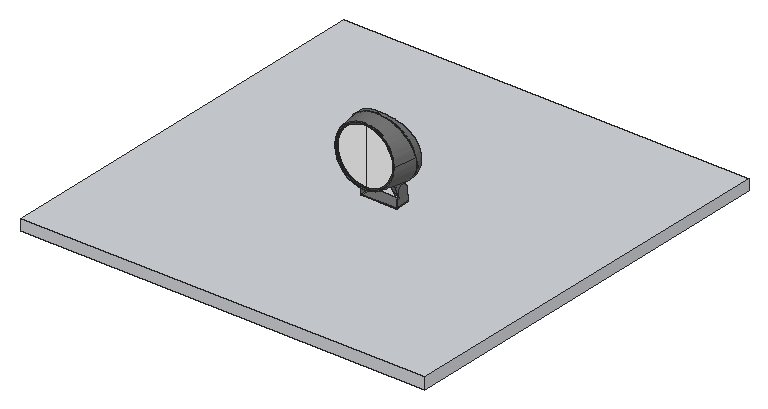
Revit family "Thorn CONT3 36L105 830 NB HFX 6K ANT", category Lighting Fixtures, host Face, Revit 2016
Family settings
  Host = Face
  Part Type = Normal
  Round Connector Dimension = Use Diameter
  OmniClass Number = 23.80.70.11
  OmniClass Title = Luminaries for Internal Lighting
  Cut with Voids When Loaded = No
  Light Source = Yes
  Shared = No
  Room Calculation Point = No
Parameters (values of type "CONT3 36L105 830 NB HFX 6K ANT")
  Width = 397.00 mm  # constant formula
  Wattage = 79.5331 W
  built-in parameter 1150110 = 1 (stored number, unit not read)
  Voltage = 230 V  # constant formula
  URL = "http://www.thornlighting.com/96633453"
  Type Comments = "© Thorn. We reserve the right to make technical changes without prior notice."  # constant formula
  built-in parameter 1114217 = 1 (stored number, unit not read)
  Tilt Angle = 0.00°
  built-in parameter 1150109 = 1 (stored number, unit not read)
  built-in parameter 1150134 = (empty or 0)
  built-in parameter 1150113 = 1 (stored number, unit not read)
  Reflector [instance] = ZG_Reflector_SI
  Photometric Web File = "96633453_(STD).IES"
  Note [instance] = "Angle value ranges between 30° and 90°!"  # constant formula
  Model = "96633453"
  Manufacturer = "Thorn Lighting"  # constant formula
  built-in parameter 1150105 = 940.13 (stored number, unit not read)
  Lumens = 11814 lm
  built-in parameter 1150115 = 1 (stored number, unit not read)
  built-in parameter 1150137 = (empty or 0)
  built-in parameter 1150139 = (empty or 0)
  Length = 206.00 mm  # constant formula
  built-in parameter 1150112 = 1 (stored number, unit not read)
  built-in parameter 1150114 = 1 (stored number, unit not read)
  Lamp = "LED"
  built-in parameter 1150132 = 2
  built-in parameter 1150102 = (empty or 0)
  built-in parameter 1150107 = 3000 (stored number, unit not read)
  built-in parameter 1150138 = (empty or 0)
  built-in parameter 1150106 = 9.4013 (stored number, unit not read)
  Height = 483.00 mm  # constant formula
  built-in parameter 1150104 = 13.8 (stored number, unit not read)
  Dimming Lamp Color Temperature Shift = <None>
  Description = "LED spot luminaire"  # constant formula
  Color Filter = 16777215
  Body [instance] = ZG_Metal_Black
  built-in parameter 1114218 = 1 (stored number, unit not read)
  built-in parameter 1150133 = 10 (stored number, unit not read)
  Apparent Load = 117 VA  # constant formula
  Angle [instance] = 0.00°
  Default Elevation = 0.00 mm
  Assembly Code = "D5020200"
Reference planes
  plane 1: z = 0
  plane 2 "Center (Left/Right)": x = 0
  plane 3: x = -111
  plane 4: x = 111
  plane 5: z = 82.316
  plane 6: x = 108
  plane 7: x = -108
  plane 8 "Center (Front/Back)": y = 0
  plane 9: x = -106
Forms (mm)
  Extrusion 1, solid
    sketch origin (0, 0, 0) x (1, 0, 0) y (0, 1, 0)
      loop
        line (-1219.2, 1219.2) -> (-1219.2, -1219.2) -> (1219.2, -1219.2) -> (1219.2, 1219.2) -> (-1219.2, 1219.2)
    from 0 to -66.193
  Extrusion 2, solid, material "ZG_Metal_Black" <- "Body"
    sketch origin (-37.684, 0, 0) x (0, 0, 1) y (0, -1, 0)
      loop
        line (12, -40) -> (88.244, -30.435)
        arc (88.244, -30.435) -> (115.099, 0) -> (88.244, 30.435) r 30.673
        line (88.244, 30.435) -> (12, 40) -> (12, -40)
    from -73.316 to -70.316
  Extrusion 3, solid, material "ZG_Metal_Black" <- "Body"
    sketch origin (37.684, 0, 0) x (0, 0, 1) y (0, 1, 0)
      loop
        line (12, 40) -> (12, -40) -> (88.244, -30.435)
        arc (88.244, -30.435) -> (115.099, 0) -> (88.244, 30.435) r 30.673
        line (88.244, 30.435) -> (12, 40)
    from -73.316 to -70.316
  Extrusion 4, solid, material "ZG_Metal_Black" <- "Body"
    sketch origin (0, 0, 0) x (0, 0, 1) y (-1, 0, 0)
      loop
        line (0, 103) -> (0, -103)
        arc (0, -103) -> (2.343, -108.657) -> (8, -111) r 8
        line (8, -111) -> (12, -111) -> (12, -108) -> (8, -108)
        arc (8, -108) -> (4.464, -106.536) -> (3, -103) r 5
        line (3, -103) -> (3, 103)
        arc (3, 103) -> (4.464, 106.536) -> (8, 108) r 5
        line (8, 108) -> (12, 108) -> (12, 111) -> (8, 111)
        arc (8, 111) -> (2.343, 108.657) -> (0, 103) r 8
    from -40 to 40
Cuts and joins
  joined: Extrusion 2, Extrusion 3, Extrusion 4
Lines and regions (mm)
  reference lines
    curve 1: line (0, 0, 82.316) -> (0, -146.894, 82.316)
    curve 2: line (0, -146.894, 293.238) -> (0, -146.894, 82.316)
    curve 3: line (0, -146.894, 293.238) -> (0, 0, 293.238)
Dimensions and locks
  "Angle": angle plane 5 to curve 1
  aligned and locked: plane 1 to Extrusion 1
  aligned and locked: level to Extrusion 1
  aligned and locked: imposter light to curve 3  (x2)
  aligned and locked: plane 8 "Center (Front/Back)" to curve 1
  aligned and locked: plane 5 to curve 1
Automatic sketch dimensions
  Extrusion 1 sketch curve to Extrusion 1 sketch curve = 2438.40 mm  (x2)
  Extrusion 2 sketch curve to plane 8 "Center (Front/Back)" = 0.00 mm
  level to Extrusion 2 sketch curve = 12.00 mm
  plane 5 to Extrusion 2 sketch curve = 2.109 mm
  plane 5 to Extrusion 2 sketch curve = 5.927 mm  (x2)
  Extrusion 2 sketch curve to plane 8 "Center (Front/Back)" = 30.435 mm
  Extrusion 2 sketch curve to plane 8 "Center (Front/Back)" = 40.00 mm
  plane 8 "Center (Front/Back)" to Extrusion 2 sketch curve = 40.00 mm
  curve 1 to curve 3 = 0.00 mm  (x2)
  curve 3 to curve 1 = 210.922 mm
  curve 2 to curve 1 = 0.00 mm
  Extrusion 3 sketch curve to plane 8 "Center (Front/Back)" = 0.00 mm
  level to Extrusion 3 sketch curve = 12.00 mm
  plane 5 to Extrusion 3 sketch curve = 2.109 mm
  plane 5 to Extrusion 3 sketch curve = 5.927 mm  (x2)
  plane 8 "Center (Front/Back)" to Extrusion 3 sketch curve = 30.435 mm
  plane 8 "Center (Front/Back)" to Extrusion 3 sketch curve = 40.00 mm
  Extrusion 3 sketch curve to plane 8 "Center (Front/Back)" = 40.00 mm
  Extrusion 4 sketch curve to Extrusion 4 sketch curve = 0.00 mm  (x4)
  Extrusion 4 sketch curve to level = 0.00 mm
  plane 6 to Extrusion 4 sketch curve = 0.00 mm
  Extrusion 4 sketch curve to plane 3 = 0.00 mm
  plane 4 to Extrusion 4 sketch curve = 0.00 mm
  Extrusion 4 sketch curve to Extrusion 4 sketch curve = 5.00 mm
  level to Extrusion 4 sketch curve = 8.00 mm
  Extrusion 4 sketch curve to Extrusion 4 sketch curve = 4.00 mm  (x2)
Nested families
  nested 1: "Thorn CONT36L Body" at (0, 0, 82.316), Body <- "Body", Reflector <- "Reflector", type "Thorn CONT36L Body"
    with Reflector ZG_Reflector_SI, Body ZG_Metal_Black
Definition of nested family "Thorn CONT36L Body"
  Parameters (values of type "Thorn CONT36L Body")
    Reflector [instance] = none
    Default Elevation = 0.00 mm
    Body [instance] = none
  Reference planes
    plane 1 "Light Source Axis (F/B)": y = 0
    plane 2: z = 0
    plane 3 "Light Source Axis (L/R)": x = 0
    plane 4 "Light Source Elevation": z = 0
  Forms (mm)
    Blend 1, solid, material <- "Body"
      base sketch origin (0, 0, 0) x (1, 0, 0) y (0, 0, 1)
        loop
          circle (0, 211.079) r 205
      top sketch origin (0, 0, 0) x (1, 0, 0) y (0, 0, 1)
        loop
          circle (0, 210.922) r 180
      from -41.272 to 146.894
    Extrusion 2, void
      sketch origin (0, 0, 0) x (0, 1, 0) y (0, 0, 1)
        loop
          line (-62.172, 425.36) -> (39.389, -19.64) -> (56.098, -19.64) -> (56.098, 425.36) -> (-62.172, 425.36)
      from -250 to 250
    Extrusion 3, solid, material <- "Body"
      sketch origin (0, 6.2, 125.778) x (0, 0.222506, -0.974931) y (-1, 0, 0)
        loop
          circle (-87.448, 0) r 190
      from 0 to 2.5
    Revolve 4, solid, material <- "Body"
      sketch origin (0, 0, 0) x (0, 1, 0) y (0, 0, 1)
        loop
          line (-54.578, 403.318) -> (-9.247, 204.699) -> (32.249, 214.169) -> (-10.921, 403.318) -> (-54.578, 403.318)
        axis (32.249, 214.169) -> (-9.247, 204.699)
      angle from 0 to 360
    Extrusion 5, void
      sketch origin (0, 0, 0) x (0, 1, 0) y (0, 0, 1)
        loop
          line (38.488, 51.438) -> (38.488, -20) -> (106.048, -20) -> (106.048, 411.103) -> (-37.986, 411.103)
          arc (-37.986, 411.103) -> (-2.06, 336.639) -> (22.327, 257.64) r 551.38
          line (22.327, 257.64) -> (62.591, 81.222) -> (38.488, 51.438)
      from -250 to 250
    Revolve 6, void
      sketch origin (0, -32.992, 0) x (0, 1, 0) y (0, 0, 1)
        loop
          line (-113.902, 210.922) -> (-108.967, 210.922) -> (-108.967, 378.426) -> (-111.435, 378.426) -> (-111.435, 388.426) -> (-113.902, 388.426) -> (-113.902, 210.922)
        axis (-113.902, 210.922) -> (-108.967, 210.922)
      angle from 0 to 360
    Extrusion 7, solid, material <- "Body"
      sketch origin (0, 0, 0) x (0, -0.866025, 0.5) y (0, -0.5, -0.866025)
        loop
          arc (17.197, 24.582) -> (-22.71, 19.603) -> (-21.806, -20.603) r 30
          line (-21.806, -20.603) -> (9.298, -53.524) -> (84.781, -22.698) -> (17.197, 24.582)
      from -106 to -81
    Extrusion 8, solid, material <- "Body"
      sketch origin (0, 0, 0) x (0, -0.866025, 0.5) y (0, 0.5, 0.866025)
        loop
          line (17.197, -24.582) -> (84.781, 22.698) -> (9.298, 53.524) -> (-21.806, 20.603)
          arc (-21.806, 20.603) -> (-22.71, -19.603) -> (17.197, -24.582) r 30
      from -106 to -81
    Extrusion 9, solid, material <- "Body", detail levels fine
      sketch origin (0, 38.488, 51.438) x (0, 0.62905, 0.777365) y (1, 0, 0)
        loop
          circle (19.162, 24.501) r 12.5
        loop
          circle (19.162, -24.501) r 12.5
        loop
          circle (19.162, 73.504) r 12.5
        loop
          circle (19.162, -73.504) r 12.5
      from 0 to 5
  Cuts and joins
    Extrusion 2, Revolve 6 cuts Blend 1
    joined: Blend 1, Extrusion 7, Extrusion 8
    Extrusion 5 cuts Revolve 4
  Lines and regions (mm)
    model lines, detail levels fine
      curve 1: circle (40, -141.959, 210.922) r 20 normal (0, -1, 0)
      curve 2: circle (80, -141.959, 210.922) r 20 normal (0, -1, 0)
      curve 3: circle (120, -141.959, 210.922) r 20 normal (0, -1, 0)
      curve 4: circle (-40, -141.959, 210.922) r 20 normal (0, 1, 0)
      curve 5: circle (-80, -141.959, 210.922) r 20 normal (0, 1, 0)
      curve 6: circle (-120, -141.959, 210.922) r 20 normal (0, 1, 0)
      curve 7: circle (20, -141.959, 245.922) r 20 normal (0, 1, 0)
      curve 8: circle (-20, -141.959, 245.922) r 20 normal (0, -1, 0)
      curve 9: circle (60, -141.959, 245.922) r 20 normal (0, 1, 0)
      curve 10: circle (100, -141.959, 245.922) r 20 normal (0, 1, 0)
      curve 11: circle (-60, -141.959, 245.922) r 20 normal (0, -1, 0)
      curve 12: circle (-100, -141.959, 245.922) r 20 normal (0, -1, 0)
      curve 13: circle (0, -141.959, 280.922) r 20 normal (0, 1, 0)
      curve 14: circle (40, -141.959, 280.922) r 20 normal (0, 1, 0)
      curve 15: circle (80, -141.959, 280.922) r 20 normal (0, 1, 0)
      curve 16: circle (-40, -141.959, 280.922) r 20 normal (0, -1, 0)
      curve 17: circle (-80, -141.959, 280.922) r 20 normal (0, -1, 0)
      curve 18: circle (20, -141.959, 315.922) r 20 normal (0, -1, 0)
      curve 19: circle (-20, -141.959, 315.922) r 20 normal (0, 1, 0)
      curve 20: circle (60, -141.959, 315.922) r 20 normal (0, -1, 0)
      curve 21: circle (-60, -141.959, 315.922) r 20 normal (0, 1, 0)
      curve 22: circle (20, -141.959, 175.922) r 20 normal (0, -1, 0)
      curve 23: circle (-20, -141.959, 175.922) r 20 normal (0, 1, 0)
      curve 24: circle (60, -141.959, 175.922) r 20 normal (0, -1, 0)
      curve 25: circle (100, -141.959, 175.922) r 20 normal (0, -1, 0)
      curve 26: circle (-60, -141.959, 175.922) r 20 normal (0, 1, 0)
      curve 27: circle (-100, -141.959, 175.922) r 20 normal (0, 1, 0)
      curve 28: circle (0, -141.959, 140.922) r 20 normal (0, -1, 0)
      curve 29: circle (40, -141.959, 140.922) r 20 normal (0, -1, 0)
      curve 30: circle (80, -141.959, 140.922) r 20 normal (0, -1, 0)
      curve 31: circle (-40, -141.959, 140.922) r 20 normal (0, 1, 0)
      curve 32: circle (-80, -141.959, 140.922) r 20 normal (0, 1, 0)
      curve 33: circle (20, -141.959, 105.922) r 20 normal (0, 1, 0)
      curve 34: circle (-20, -141.959, 105.922) r 20 normal (0, -1, 0)
      curve 35: circle (60, -141.959, 105.922) r 20 normal (0, 1, 0)
      curve 36: circle (-60, -141.959, 105.922) r 20 normal (0, -1, 0)
  Dimensions and locks
    aligned and locked: level to plane 2
